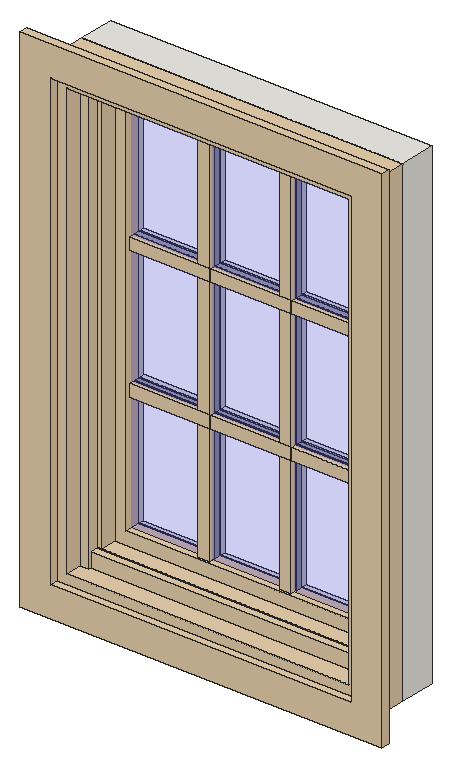
Revit family "Window-Awning-Andersen-A_Series 3", category Windows, host Wall, Revit 2013 (continued)
Dimensions and locks (in)
  aligned and locked: Masking region 3 sketch curve to host wall
  aligned and locked: plane 31 "T Xjamb 1" to Extrusion 3 sketch curve
  aligned and locked: plane 33 "T Xjamb 2" to Extrusion 3 sketch curve
  aligned and locked: Extrusion 3 sketch curve to plane 21 "R Xjamb 1"
  aligned and locked: Extrusion 3 sketch curve to plane 23 "R Xjamb 2"
  aligned and locked: plane 11 "L Xjamb 1" to Extrusion 3 sketch curve
  aligned and locked: plane 13 "L Xjamb 2" to Extrusion 3 sketch curve
  aligned and locked: Extrusion 3 sketch curve to plane 56 "B Xjamb 1"
  aligned and locked: Extrusion 3 sketch curve to plane 41 "B Xjamb 2"
  aligned and locked: plane 31 "T Xjamb 1" to Extrusion 4 sketch curve
  aligned and locked: plane 38 "T Int Casing" to Extrusion 4 sketch curve
  aligned and locked: Extrusion 4 sketch curve to plane 21 "R Xjamb 1"
  aligned and locked: Extrusion 4 sketch curve to plane 28 "R Int Casing"
  aligned and locked: plane 11 "L Xjamb 1" to Extrusion 4 sketch curve
  aligned and locked: plane 45 "L Int Casing" to Extrusion 4 sketch curve
  aligned and locked: Extrusion 4 sketch curve to plane 56 "B Xjamb 1"
  aligned and locked: Extrusion 4 sketch curve to plane 44 "B Int Casing"
  aligned and locked: Extrusion 4 to host wall
  aligned and locked: Extrusion 4 to plane 58 "Interior Casing"
  aligned and locked: plane 43 "B Casing 2" to Extrusion 5 sketch curve
  aligned and locked: plane 43 "B Casing 2" to Sweep 6 sketch curve  (x2)
  aligned and locked: plane 17 "L Casing 4" to Sweep 6 sketch curve  (x2)
  aligned and locked: Sweep 6 sketch curve to plane 27 "R Casing 4"
  aligned and locked: plane 37 "T Casing 4" to Sweep 6 sketch curve
  aligned and locked: plane 16 "L Casing 3" to Sweep 6 sketch curve
  aligned and locked: plane 47 "Casing S2" to Sweep 6 sketch curve
  aligned and locked: Sweep 6 sketch curve to plane 46 "Casing S1"
  aligned and locked: plane 49 "Flange" to Sweep 6 sketch curve
  aligned and locked: Sweep 6 sketch curve to plane 12 "L Casing 1"
  aligned and locked: Sweep 6 sketch curve to plane 47 "Casing S2"
  aligned and locked: plane 15 "L Casing 2" to Sweep 6 sketch curve
  aligned and locked: Extrusion 5 to plane 17 "L Casing 4"
  aligned and locked: plane 27 "R Casing 4" to Extrusion 5
  aligned and locked: plane 32 "T Casing 1" to Extrusion 7 sketch curve
  aligned and locked: plane 37 "T Casing 4" to Extrusion 7 sketch curve
  aligned and locked: plane 12 "L Casing 1" to Extrusion 7 sketch curve
  aligned and locked: plane 17 "L Casing 4" to Extrusion 7 sketch curve
  aligned and locked: Extrusion 7 sketch curve to plane 22 "R Casing 1"
  aligned and locked: Extrusion 7 sketch curve to plane 27 "R Casing 4"
  aligned and locked: Extrusion 7 sketch curve to plane 43 "B Casing 2"
  aligned and locked: plane 46 "Casing S1" to Extrusion 7
  aligned and locked: plane 49 "Flange" to Extrusion 7
  aligned and locked: plane 8 "L Glazing" to Extrusion 8 sketch curve
  aligned and locked: Extrusion 8 sketch curve to plane 18 "R Glazing"
  aligned and locked: plane 29 "T Glazing" to Extrusion 8 sketch curve
  aligned and locked: plane 50 "Glass1 S1" to Extrusion 8
  aligned and locked: Extrusion 8 to plane 54 "Sash1 S2"
  aligned and locked: Extrusion 9 sketch curve to plane 8 "L Glazing"
  aligned and locked: Extrusion 9 sketch curve to plane 29 "T Glazing"
  aligned and locked: plane 18 "R Glazing" to Extrusion 9 sketch curve
  aligned and locked: Extrusion 9 to plane 50 "Glass1 S1"
  aligned and locked: plane 29 "T Glazing" to Extrusion 10 sketch curve
  aligned and locked: plane 8 "L Glazing" to Extrusion 10 sketch curve
  aligned and locked: Extrusion 10 sketch curve to plane 18 "R Glazing"
  aligned and locked: plane 50 "Glass1 S1" to Extrusion 10
  aligned and locked: Extrusion 10 to plane 53 "Glass1 S4"
  aligned and locked: nested 1 to plane 29 "T Glazing"
  aligned and locked: nested 1 to plane 3 "Center (Left/Right)"
  aligned and locked: plane 8 "L Glazing" to nested 2
  aligned and locked: nested 3 to plane 29 "T Glazing"
  aligned and locked: plane 8 "L Glazing" to nested 4
  aligned and locked: nested 5 to plane 29 "T Glazing"
  aligned and locked: plane 8 "L Glazing" to nested 6
  aligned and locked: plane 8 "L Glazing" to nested 7
  aligned and locked: Extrusion 5 sketch curve to plane 49 "Flange"
  aligned and locked: host wall to Masking region 11 sketch curve
  aligned and locked: plane 4 "R Frame" to Masking region 11 sketch curve
  aligned and locked: Masking region 11 sketch curve to plane 5 "L Frame"
  aligned and locked: plane 57 "Exterior Offset" to Masking region 11 sketch curve
  aligned and locked: plane 27 "R Casing 4" to Masking region 11 sketch curve
  aligned and locked: Masking region 11 sketch curve to plane 17 "L Casing 4"
  aligned and locked: plane 39 "B Glazing" to Extrusion 8 sketch curve
  aligned and locked: curve 11 to plane 66 "Sash1 S1"
  aligned and locked: plane 66 "Sash1 S1" to curve 15
  aligned and locked: plane 66 "Sash1 S1" to Extrusion 9
  aligned and locked: host wall to curve 19
  aligned and locked: plane 7 "T Frame" to Extrusion 11 sketch curve
  aligned and locked: Extrusion 11 sketch curve to plane 4 "R Frame"
  aligned and locked: Extrusion 11 sketch curve to plane 6 "B Frame"
  aligned and locked: plane 5 "L Frame" to Extrusion 11 sketch curve
  aligned and locked: plane 30 "T Ext Frame" to Extrusion 11 sketch curve
  aligned and locked: Extrusion 11 sketch curve to plane 19 "R Ext Frame"
  aligned and locked: plane 9 "L Ext Frame" to Extrusion 11 sketch curve
  aligned and locked: Extrusion 11 sketch curve to plane 40 "B Ext Frame"
  aligned and locked: plane 48 "Frame S1" to Extrusion 11
  aligned and locked: Extrusion 10 sketch curve to plane 39 "B Glazing"
  aligned and locked: plane 39 "B Glazing" to curve 28
  aligned and locked: plane 39 "B Glazing" to curve 27
  aligned and locked: plane 39 "B Glazing" to curve 29
  aligned and locked: plane 39 "B Glazing" to curve 26
  aligned and locked: plane 39 "B Glazing" to Extrusion 9 sketch curve
  aligned and locked: plane 68 "L Sash" to curve 18
  aligned and locked: plane 54 "Sash1 S2" to curve 18
  aligned and locked: plane 54 "Sash1 S2" to curve 14
  aligned and locked: plane 55 "Frame S2" to Masking region 1 sketch curve
  aligned and locked: plane 55 "Frame S2" to Masking region 4 sketch curve
  aligned and locked: plane 71 "T Sash" to Extrusion 9 sketch curve
  aligned and locked: plane 68 "L Sash" to Extrusion 9 sketch curve
  aligned and locked: Extrusion 9 sketch curve to plane 67 "R Sash"
  aligned and locked: plane 70 "B Sash" to Extrusion 9 sketch curve
  aligned and locked: Extrusion 8 sketch curve to plane 71 "T Sash"
  aligned and locked: Extrusion 8 sketch curve to plane 68 "L Sash"
  aligned and locked: plane 67 "R Sash" to Extrusion 8 sketch curve
  aligned and locked: plane 70 "B Sash" to Extrusion 8 sketch curve
  aligned and locked: Extrusion 11 to plane 54 "Sash1 S2"
  aligned and locked: plane 72 "T Int Frame" to Extrusion 12 sketch curve
  aligned and locked: plane 74 "L Int Frame" to Extrusion 12 sketch curve
  aligned and locked: Extrusion 12 sketch curve to plane 75 "R Int Frame"
  aligned and locked: Extrusion 12 sketch curve to plane 73 "B Int Frame"
  aligned and locked: Extrusion 12 sketch curve to plane 6 "B Frame"
  aligned and locked: Extrusion 12 sketch curve to plane 4 "R Frame"
  aligned and locked: plane 7 "T Frame" to Extrusion 12 sketch curve
  aligned and locked: plane 5 "L Frame" to Extrusion 12 sketch curve
  aligned and locked: plane 54 "Sash1 S2" to Extrusion 12
  aligned and locked: Extrusion 12 to plane 55 "Frame S2"
  aligned and locked: plane 75 "R Int Frame" to Extrusion 13
  aligned and locked: Extrusion 13 to plane 74 "L Int Frame"
  aligned and locked: Extrusion 14 sketch curve to plane 54 "Sash1 S2"
  aligned and locked: plane 20 "R Stop" to Extrusion 14 sketch curve
  aligned and locked: plane 10 "L Stop" to Extrusion 14 sketch curve
  aligned and locked: Extrusion 14 sketch curve to plane 69 "Stop S1"
  aligned and locked: plane 73 "B Int Frame" to Extrusion 14
  aligned and locked: Extrusion 14 to plane 72 "T Int Frame"
  aligned and locked: plane 65 "Xjamb S1" to Extrusion 3
  aligned and locked: host wall to Extrusion 3
  aligned and locked: plane 54 "Sash1 S2" to Extrusion 13 sketch curve
  aligned and locked: plane 76 "T Stop" to curve 38
  aligned and locked: plane 10 "L Stop" to curve 41
  aligned and locked: curve 39 to plane 20 "R Stop"
  aligned and locked: plane 72 "T Int Frame" to curve 50
  aligned and locked: curve 51 to plane 75 "R Int Frame"
  aligned and locked: plane 74 "L Int Frame" to curve 53
  aligned and locked: curve 52 to plane 73 "B Int Frame"
  aligned and locked: curve 32 to plane 70 "B Sash"
  aligned and locked: plane 68 "L Sash" to curve 31
  aligned and locked: plane 71 "T Sash" to curve 30
  aligned and locked: curve 33 to plane 67 "R Sash"
  aligned and locked: plane 4 "R Frame" to curve 56
  aligned and locked: plane 5 "L Frame" to curve 56
  aligned and locked: host wall to curve 56
  aligned and locked: Masking region 12 sketch curve to plane 33 "T Xjamb 2"
  aligned and locked: plane 65 "Xjamb S1" to Masking region 12 sketch curve
  aligned and locked: plane 41 "B Xjamb 2" to Masking region 12 sketch curve
  aligned and locked: host wall to Masking region 12 sketch curve
  aligned and locked: host wall to Masking region 13 sketch curve
  aligned and locked: Masking region 13 sketch curve to plane 44 "B Int Casing"
  aligned and locked: plane 58 "Interior Casing" to Masking region 13 sketch curve
  aligned and locked: plane 38 "T Int Casing" to Masking region 13 sketch curve
  aligned and locked: plane 65 "Xjamb S1" to curve 60
  aligned and locked: plane 73 "B Int Frame" to curve 60
  aligned and locked: plane 65 "Xjamb S1" to curve 61
  aligned and locked: host wall to curve 61
  aligned and locked: plane 56 "B Xjamb 1" to curve 61
  aligned and locked: plane 58 "Interior Casing" to curve 62
  aligned and locked: plane 56 "B Xjamb 1" to curve 62
  aligned and locked: plane 65 "Xjamb S1" to curve 57
  aligned and locked: plane 72 "T Int Frame" to curve 57
  aligned and locked: plane 65 "Xjamb S1" to curve 58
  aligned and locked: host wall to curve 58
  aligned and locked: plane 31 "T Xjamb 1" to curve 58
  aligned and locked: plane 58 "Interior Casing" to curve 59
  aligned and locked: plane 31 "T Xjamb 1" to curve 59
  aligned and locked: Masking region 14 sketch curve to plane 65 "Xjamb S1"
  aligned and locked: plane 13 "L Xjamb 2" to Masking region 14 sketch curve
  aligned and locked: Masking region 14 sketch curve to host wall
  aligned and locked: Masking region 14 sketch curve to plane 23 "R Xjamb 2"
  aligned and locked: host wall to Masking region 15 sketch curve
  aligned and locked: plane 45 "L Int Casing" to Masking region 15 sketch curve
  aligned and locked: plane 58 "Interior Casing" to Masking region 15 sketch curve
  aligned and locked: Masking region 15 sketch curve to plane 28 "R Int Casing"
  aligned and locked: plane 65 "Xjamb S1" to curve 65
  aligned and locked: host wall to curve 65
  aligned and locked: plane 11 "L Xjamb 1" to curve 65
  aligned and locked: plane 58 "Interior Casing" to curve 66
  aligned and locked: plane 11 "L Xjamb 1" to curve 66
  aligned and locked: plane 65 "Xjamb S1" to curve 63
  aligned and locked: host wall to curve 63
  aligned and locked: plane 21 "R Xjamb 1" to curve 63
  aligned and locked: plane 58 "Interior Casing" to curve 64
  aligned and locked: plane 21 "R Xjamb 1" to curve 64
  aligned and locked: curve 40 to plane 59 "Vertical Bar Length"
  aligned and locked: Extrusion 15 sketch curve to plane 72 "T Int Frame"
  aligned and locked: Extrusion 15 sketch curve to plane 69 "Stop S1"
  aligned and locked: Extrusion 15 to plane 74 "L Int Frame"
  aligned and locked: plane 75 "R Int Frame" to Extrusion 15
  aligned and locked: plane 6 "B Frame" to curve 49
  aligned and locked: plane 49 "Flange" to curve 49
  aligned and locked: plane 7 "T Frame" to curve 48
  aligned and locked: plane 49 "Flange" to curve 48
  aligned and locked: plane 25 "R Casing 2" to curve 5
  aligned and locked: plane 47 "Casing S2" to curve 4
  aligned and locked: plane 26 "R Casing 3" to curve 4
  aligned and locked: plane 46 "Casing S1" to curve 4
  aligned and locked: plane 15 "L Casing 2" to curve 2
  aligned and locked: plane 35 "T Casing 2" to curve 24
  aligned and locked: plane 36 "T Casing 3" to curve 23
  aligned and locked: plane 46 "Casing S1" to curve 23
  aligned and locked: Extrusion 5 sketch curve to plane 6 "B Frame"
  aligned and locked: Masking region 6 sketch curve to cut or joined group of Extrusion 5, Sweep 6
  aligned and locked: Extrusion 7 sketch curve to plane 6 "B Frame"
  aligned and locked: plane 46 "Casing S1" to curve 42
  aligned and locked: plane 46 "Casing S1" to curve 43
  aligned and locked: plane 55 "Frame S2" to curve 68
  aligned and locked: plane 55 "Frame S2" to curve 67
  aligned and locked: plane 5 "L Frame" to curve 68
  aligned and locked: plane 4 "R Frame" to curve 67
  aligned and locked: plane 49 "Flange" to curve 69
  aligned and locked: plane 37 "T Casing 4" to curve 69
  aligned and locked: plane 46 "Casing S1" to curve 70
  aligned and locked: plane 49 "Flange" to curve 70
  aligned and locked: plane 43 "B Casing 2" to curve 70
  aligned and locked: plane 49 "Flange" to curve 67
  aligned and locked: plane 49 "Flange" to curve 68
  aligned and locked: plane 49 "Flange" to curve 99
  aligned and locked: plane 4 "R Frame" to curve 99
  aligned and locked: curve 153 to plane 49 "Flange"
  aligned and locked: plane 5 "L Frame" to curve 153
  aligned and locked: plane 69 "Stop S1" to curve 155
  aligned and locked: plane 75 "R Int Frame" to curve 154
  aligned and locked: plane 74 "L Int Frame" to curve 157
  aligned and locked: curve 156 to plane 69 "Stop S1"
  aligned and locked: plane 71 "T Sash" to curve 54
  aligned and locked: plane 3 "Center (Left/Right)" to curve 55
  aligned and locked: plane 68 "L Sash" to curve 54
  aligned and locked: plane 70 "B Sash" to curve 54
  aligned and locked: plane 67 "R Sash" to curve 55
  aligned and locked: plane 70 "B Sash" to curve 55
  aligned and locked: plane 55 "Frame S2" to curve 154
  aligned and locked: plane 16 "L Casing 3" to curve 1
  aligned and locked: plane 46 "Casing S1" to curve 1
  aligned and locked: plane 55 "Frame S2" to curve 157
Automatic sketch dimensions
  curve 42 to curve 42 = 0' - 0 3/16"
  curve 13 to curve 13 = 0' - 2.3296"
  curve 76 to curve 75 = 0' - 0.335"
  curve 75 to curve 74 = 0' - 0.047"
  curve 77 to curve 92 = 0' - 0.46646"
  curve 91 to curve 88 = 0' - 0.01154"
  curve 88 to curve 87 = 0' - 0 1/2"
  curve 87 to curve 93 = 0' - 0.1325"
  curve 74 to curve 82 = 0' - 0.765"
  curve 80 to curve 82 = 0' - 0.12649"
  curve 82 to curve 84 = 0' - 0.31851"
  curve 85 to curve 95 = 0' - 1.19371"
  curve 95 to curve 97 = 0' - 0.80629"
  curve 97 to curve 278 = 0' - 1.05756"
  curve 91 to curve 77 = 0' - 1.0695"
  curve 99 to curve 91 = 0' - 0.22314"
  curve 74 to curve 73 = 0' - 0.122"
  curve 79 to curve 80 = 0' - 0.122"
  curve 98 to curve 278 = 0' - 0 5/32"
  curve 91 to curve 90 = 0' - 0.1829"
  curve 91 to curve 90 = 0' - 0.26718"
  curve 92 to curve 88 = 0' - 0 7/16"
  curve 87 to curve 98 = 0' - 0.1945"
  curve 87 to curve 94 = 0' - 0.3285"
  curve 93 to curve 86 = 0' - 0.1845"
  curve 97 to curve 97 = 0' - 0.68"
  curve 95 to curve 95 = 0' - 0.36"
  curve 86 to curve 78 = 0' - 1.081"
  curve 78 to curve 83 = 0' - 0.16349"
  curve 74 to curve 76 = 0' - 0.28859"
  curve 78 to curve 80 = 0' - 0.482"
  curve 76 to curve 75 = 0' - 0.19341"
  curve 99 to curve 91 = 0' - 2.425"
  curve 99 to curve 91 = 0' - 0.8"
  curve 91 to curve 77 = 0' - 0.3579"
  curve 278 to curve 98 = 0' - 0 5/32"
  curve 79 to curve 74 = 0' - 0.152"
  curve 81 to curve 80 = 0' - 0.001"
  curve 73 to curve 74 = 0' - 0.001"
  curve 103 to curve 102 = 0' - 0.335"
  curve 102 to curve 101 = 0' - 0.047"
  curve 104 to curve 119 = 0' - 0.46646"
  curve 118 to curve 115 = 0' - 0.01154"
  curve 115 to curve 114 = 0' - 0 1/2"
  curve 114 to curve 120 = 0' - 0.1325"
  curve 101 to curve 109 = 0' - 0.765"
  curve 107 to curve 109 = 0' - 0.12649"
  curve 109 to curve 111 = 0' - 0.31851"
  curve 112 to curve 122 = 0' - 1.19371"
  curve 122 to curve 124 = 0' - 0.80629"
  curve 124 to curve 279 = 0' - 1.05756"
  curve 118 to curve 104 = 0' - 1.0695"
  curve 126 to curve 118 = 0' - 0.22314"
  curve 101 to curve 100 = 0' - 0.122"
  curve 106 to curve 107 = 0' - 0.122"
  curve 125 to curve 279 = 0' - 0 5/32"
  curve 118 to curve 117 = 0' - 0.1829"
  curve 118 to curve 117 = 0' - 0.26718"
  curve 119 to curve 115 = 0' - 0 7/16"
  curve 114 to curve 125 = 0' - 0.1945"
  curve 114 to curve 121 = 0' - 0.3285"
  curve 120 to curve 113 = 0' - 0.1845"
  curve 124 to curve 124 = 0' - 0.68"
  curve 122 to curve 122 = 0' - 0.36"
  curve 113 to curve 105 = 0' - 1.081"
  curve 105 to curve 110 = 0' - 0.16349"
  curve 101 to curve 103 = 0' - 0.28859"
  curve 105 to curve 107 = 0' - 0.482"
  curve 103 to curve 102 = 0' - 0.19341"
  curve 126 to curve 118 = 0' - 2.425"
  curve 126 to curve 118 = 0' - 0.8"
  curve 118 to curve 104 = 0' - 0.3579"
  curve 279 to curve 125 = 0' - 0 5/32"
  curve 106 to curve 101 = 0' - 0.152"
  curve 108 to curve 107 = 0' - 0.001"
  curve 100 to curve 101 = 0' - 0.001"
  curve 129 to curve 130 = 0' - 0.335"
  curve 128 to curve 129 = 0' - 0.047"
  curve 146 to curve 131 = 0' - 0.46646"
  curve 142 to curve 145 = 0' - 0.01154"
  curve 141 to curve 142 = 0' - 0 1/2"
  curve 147 to curve 141 = 0' - 0.1325"
  curve 136 to curve 128 = 0' - 0.765"
  curve 136 to curve 134 = 0' - 0.12649"
  curve 138 to curve 136 = 0' - 0.31851"
  curve 149 to curve 139 = 0' - 1.19371"
  curve 151 to curve 149 = 0' - 0.80629"
  curve 280 to curve 151 = 0' - 1.05756"
  curve 131 to curve 145 = 0' - 1.0695"
  curve 145 to curve 153 = 0' - 0.22314"
  curve 127 to curve 128 = 0' - 0.122"
  curve 134 to curve 133 = 0' - 0.122"
  curve 280 to curve 152 = 0' - 0 5/32"  (x2)
  curve 145 to curve 144 = 0' - 0.1829"
  curve 145 to curve 144 = 0' - 0.26718"
  curve 146 to curve 142 = 0' - 0 7/16"
  curve 141 to curve 152 = 0' - 0.1945"
  curve 141 to curve 148 = 0' - 0.3285"
  curve 147 to curve 140 = 0' - 0.1845"
  curve 151 to curve 151 = 0' - 0.68"
  curve 149 to curve 149 = 0' - 0.36"
  curve 140 to curve 132 = 0' - 1.081"
  curve 132 to curve 137 = 0' - 0.16349"
  curve 128 to curve 130 = 0' - 0.28859"
  curve 132 to curve 134 = 0' - 0.482"
  curve 130 to curve 129 = 0' - 0.19341"
  curve 153 to curve 145 = 0' - 2.425"
  curve 153 to curve 145 = 0' - 0.8"
  curve 145 to curve 131 = 0' - 0.3579"
  curve 133 to curve 128 = 0' - 0.152"
  curve 135 to curve 134 = 0' - 0.001"
  curve 127 to curve 128 = 0' - 0.001"
  curve 220 to curve 227 = 0' - 1.25756"
  curve 227 to curve 229 = 0' - 0.6"
  curve 228 to curve 230 = 0' - 0.00349"
  curve 228 to curve 234 = 0' - 0.009"
  curve 228 to curve 232 = 0' - 0.76957"
  curve 232 to curve 235 = 0' - 0.43043"
  curve 219 to curve 222 = 0' - 0.01334"
  curve 231 to curve 236 = 0' - 0.31218"
  curve 219 to curve 218 = 0' - 0.374"
  curve 235 to curve 243 = 0' - 0 17/128"
  curve 221 to curve 224 = 0' - 0.46816"
  curve 217 to curve 216 = 0' - 0.24"
  curve 215 to curve 214 = 0' - 0 1/2"
  curve 213 to curve 224 = 0' - 0.01154"
  curve 236 to curve 237 = 0' - 0.765"
  curve 237 to curve 238 = 0' - 0.047"
  curve 213 to curve 213 = 0' - 0.16834"
  curve 212 to curve 212 = 0' - 0.30966"
  curve 281 to curve 220 = 0' - 0 5/32"  (x2)
  curve 239 to curve 242 = 0' - 0.122"
  curve 240 to curve 237 = 0' - 0.122"
  curve 224 to curve 226 = 0' - 0.22314"
  curve 49 to curve 226 = 0' - 0"  (x2)
  curve 211 to curve 225 = 0' - 1.0695"
  curve 224 to curve 211 = 0' - 0.1819"
  curve 224 to curve 212 = 0' - 0.2365"
  curve 213 to curve 214 = 0' - 0.2"
  curve 215 to curve 222 = 0' - 0.3295"
  curve 222 to curve 218 = 0' - 0.2605"
  curve 217 to curve 220 = 0' - 0.1985"
  curve 220 to curve 219 = 0' - 0.6745"
  curve 234 to curve 234 = 0' - 0.68921"
  curve 219 to curve 232 = 0' - 0.2185"
  curve 233 to curve 228 = 0' - 0.36679"
  curve 228 to curve 230 = 0' - 0.1"
  curve 218 to curve 239 = 0' - 0.919"
  curve 239 to curve 231 = 0' - 0.194"
  curve 237 to curve 210 = 0' - 0.30059"
  curve 210 to curve 210 = 0' - 0.19341"
  curve 231 to curve 235 = 0' - 0.3"
  curve 226 to curve 224 = 0' - 2.425"
  curve 49 to curve 224 = 0' - 0.8"
  curve 226 to curve 49 = 0' - 0"
  curve 225 to curve 211 = 0' - 0.3569"
  curve 241 to curve 236 = 0' - 0.164"
  curve 236 to curve 242 = 0' - 0"
  curve 240 to curve 237 = 0' - 0"
  curve 254 to curve 261 = 0' - 1.25756"
  curve 261 to curve 263 = 0' - 0.6"
  curve 262 to curve 264 = 0' - 0.00349"
  curve 262 to curve 268 = 0' - 0.009"
  curve 262 to curve 266 = 0' - 0.76957"
  curve 266 to curve 269 = 0' - 0.43043"
  curve 253 to curve 256 = 0' - 0.01334"
  curve 265 to curve 270 = 0' - 0.31218"
  curve 253 to curve 252 = 0' - 0.374"
  curve 269 to curve 277 = 0' - 0 17/128"
  curve 255 to curve 258 = 0' - 0.46816"
  curve 251 to curve 250 = 0' - 0.24"
  curve 249 to curve 248 = 0' - 0 1/2"
  curve 247 to curve 258 = 0' - 0.01154"
  curve 270 to curve 271 = 0' - 0.765"
  curve 271 to curve 272 = 0' - 0.047"
  curve 247 to curve 247 = 0' - 0.16834"
  curve 246 to curve 246 = 0' - 0.30966"
  curve 282 to curve 254 = 0' - 0 5/32"  (x2)
  curve 273 to curve 276 = 0' - 0.122"
  curve 274 to curve 271 = 0' - 0.122"
  curve 258 to curve 260 = 0' - 0.22314"
  curve 71 to curve 260 = 0' - 0"  (x2)
  curve 245 to curve 259 = 0' - 1.0695"
  curve 258 to curve 245 = 0' - 0.1819"
  curve 258 to curve 246 = 0' - 0.2365"
  curve 247 to curve 248 = 0' - 0.2"
  curve 249 to curve 256 = 0' - 0.3295"
  curve 256 to curve 252 = 0' - 0.2605"
  curve 251 to curve 254 = 0' - 0.1985"
  curve 254 to curve 253 = 0' - 0.6745"
  curve 268 to curve 268 = 0' - 0.68921"
  curve 253 to curve 266 = 0' - 0.2185"
  curve 267 to curve 262 = 0' - 0.36679"
  curve 262 to curve 264 = 0' - 0.1"
  curve 252 to curve 273 = 0' - 0.919"
  curve 273 to curve 265 = 0' - 0.194"
  curve 271 to curve 244 = 0' - 0.30059"
  curve 244 to curve 244 = 0' - 0.19341"
  curve 265 to curve 269 = 0' - 0.3"
  curve 260 to curve 258 = 0' - 2.425"
  curve 71 to curve 258 = 0' - 0.8"
  curve 260 to curve 71 = 0' - 0"
  curve 259 to curve 245 = 0' - 0.3569"
  curve 275 to curve 270 = 0' - 0.164"
  curve 270 to curve 276 = 0' - 0"
  curve 274 to curve 271 = 0' - 0"
  curve 69 to plane 46 "Casing S1" = 0' - 0"
  curve 60 to plane 69 "Stop S1" = 0' - 0.5885"
  curve 57 to plane 69 "Stop S1" = 0' - 0.5885"
  plane 73 "B Int Frame" to Extrusion 13 sketch curve = 0' - 0"
  curve 166 to curve 164 = 0' - 1.05756"
  curve 164 to curve 164 = 0' - 0.80629"
  curve 162 to curve 178 = 0' - 1.19371"
  curve 178 to curve 178 = 0' - 0.31851"
  curve 177 to curve 177 = 0' - 0.12649"
  curve 161 to curve 160 = 0' - 0.4815"
  curve 160 to curve 180 = 0' - 0.1325"
  curve 181 to curve 183 = 0' - 0 1/2"
  curve 167 to curve 158 = 0' - 0.01154"
  curve 176 to curve 173 = 0' - 0.765"
  curve 170 to curve 173 = 0' - 0.047"
  curve 169 to curve 168 = 0' - 0.335"
  curve 283 to curve 166 = 0' - 0 5/32"
  curve 175 to curve 174 = 0' - 0.122"
  curve 171 to curve 170 = 0' - 0.122"
  curve 158 to curve 48 = 0' - 0.22314"
  curve 167 to curve 158 = 0' - 1.0695"
  curve 176 to curve 169 = 0' - 0"
  curve 169 to curve 169 = 0' - 0.19341"
  curve 177 to curve 179 = 0' - 0.31851"
  curve 178 to curve 175 = 0' - 0.16349"
  curve 178 to curve 163 = 0' - 0.52299"
  curve 162 to curve 164 = 0' - 0.36"
  curve 162 to curve 181 = 0' - 0.7215"
  curve 180 to curve 160 = 0' - 0.1845"
  curve 164 to curve 283 = 0' - 0.68"
  curve 160 to curve 182 = 0' - 0.3285"
  curve 182 to curve 183 = 0' - 0.17032"
  curve 167 to curve 167 = 0' - 0.08428"
  curve 181 to curve 159 = 0' - 0 7/16"
  curve 176 to curve 174 = 0' - 0"
  curve 171 to curve 170 = 0' - 0"
  curve 174 to curve 172 = 0' - 0.152"
  curve 166 to curve 283 = 0' - 0 5/32"
  curve 167 to curve 158 = 0' - 0.3579"
  curve 158 to curve 48 = 0' - 0.8"
  curve 48 to curve 48 = 0' - 1 5/8"
  curve 192 to curve 190 = 0' - 1.05756"
  curve 190 to curve 190 = 0' - 0.80629"
  curve 188 to curve 204 = 0' - 1.19371"
  curve 204 to curve 204 = 0' - 0.31851"
  curve 203 to curve 203 = 0' - 0.12649"
  curve 187 to curve 186 = 0' - 0.4815"
  curve 186 to curve 206 = 0' - 0.1325"
  curve 207 to curve 209 = 0' - 0 1/2"
  curve 193 to curve 184 = 0' - 0.01154"
  curve 202 to curve 199 = 0' - 0.765"
  curve 196 to curve 199 = 0' - 0.047"
  curve 195 to curve 194 = 0' - 0.335"
  curve 284 to curve 192 = 0' - 0 5/32"
  curve 201 to curve 200 = 0' - 0.122"
  curve 197 to curve 196 = 0' - 0.122"
  curve 184 to curve 72 = 0' - 0.22314"
  curve 193 to curve 184 = 0' - 1.0695"
  curve 202 to curve 195 = 0' - 0"
  curve 195 to curve 195 = 0' - 0.19341"
  curve 203 to curve 205 = 0' - 0.31851"
  curve 204 to curve 201 = 0' - 0.16349"
  curve 204 to curve 189 = 0' - 0.52299"
  curve 188 to curve 190 = 0' - 0.36"
  curve 188 to curve 207 = 0' - 0.7215"
  curve 206 to curve 186 = 0' - 0.1845"
  curve 190 to curve 284 = 0' - 0.68"
  curve 186 to curve 208 = 0' - 0.3285"
  curve 208 to curve 209 = 0' - 0.17032"
  curve 193 to curve 193 = 0' - 0.08428"
  curve 207 to curve 185 = 0' - 0 7/16"
  curve 202 to curve 200 = 0' - 0"
  curve 197 to curve 196 = 0' - 0"
  curve 200 to curve 198 = 0' - 0.152"
  curve 192 to curve 284 = 0' - 0 5/32"
  curve 193 to curve 184 = 0' - 0.3579"
  curve 184 to curve 72 = 0' - 0.8"
  curve 72 to curve 72 = 0' - 1 5/8"
  curve 6 to plane 22 "R Casing 1" = 0' - 0"
  curve 14 to plane 67 "R Sash" = 0' - 0"
  curve 6 to plane 48 "Frame S1" = 0' - 0"
  curve 14 to plane 48 "Frame S1" = 0' - 0"
  curve 43 to plane 48 "Frame S1" = 0' - 0"
  curve 42 to plane 4 "R Frame" = 0' - 0"
  curve 42 to plane 48 "Frame S1" = 0' - 0"
  host wall to curve 20 = 0' - 0"
  curve 21 to plane 20 "R Stop" = 0' - 0"
  curve 20 to plane 10 "L Stop" = 0' - 0"
  curve 47 to plane 20 "R Stop" = 0' - 0"
  curve 45 to plane 10 "L Stop" = 0' - 0"
  curve 46 to plane 54 "Sash1 S2" = 0' - 0"
  curve 45 to plane 54 "Sash1 S2" = 0' - 0"
  curve 46 to plane 67 "R Sash" = 0' - 0"
  curve 44 to plane 68 "L Sash" = 0' - 0"
Nested families (in)
  nested 1: "Andersen Grille Bar" at (0, 0.42381, 64.65039) x (-1, 0, 0) z (0, 1, 0), Center Line <- "Bar Center Line", Bar Length <- "TS V Bar Length", Bar Width <- "Grille Bar Size", visible <- "TS S V", type "Andersen Grille Bar"
    with Glass / 2 0' - 0 1/8", Glass 0' - 0 5/8", Center Line Length 2' - 4 147/256", Center Line 2, Bar Width 0' - 0 7/8", Bar Length 2' - 4 147/256"
  nested 2: "Andersen Grille Bar" at (0, 0.42381, 64.65039) x (0, 0, -1) z (0, 1, 0), Bar Length <- "H DLO", visible <- "TS S H", Bar Width <- "Horizontal Craftsman Bar Size", type "Andersen Grille Bar"
    with Glass / 2 0' - 0 1/8", Glass 0' - 0 5/8", Center Line Length 1' - 5 3/8", Center Line 2, Bar Width 0' - 0 7/8", Bar Length 1' - 5 3/8"
  nested 3: "Andersen Grille Bar" at (3.04167, 0.42381, 64.65039) x (-1, 0, 0) z (0, 1, 0), Center Line <- "Bar Center Line", Bar Length <- "TS V Bar Length", Bar Width <- "Grille Bar Size", visible <- "TS M V", type "Andersen Grille Bar"
    with Glass / 2 0' - 0 1/8", Glass 0' - 0 5/8", Center Line Length 2' - 4 147/256", Center Line 2, Bar Width 0' - 0 7/8", Bar Length 2' - 4 147/256"
  nested 4: "Andersen Grille Bar" at (0, 0.42381, 59.74219) x (0, 0, -1) z (0, 1, 0), Center Line <- "Bar Center Line", Bar Length <- "H DLO", visible <- "TS M H", Bar Width <- "Grille Bar Size", type "Andersen Grille Bar"
    with Glass / 2 0' - 0 1/8", Glass 0' - 0 5/8", Center Line Length 1' - 5 3/8", Center Line 2, Bar Width 0' - 0 7/8", Bar Length 1' - 5 3/8"
  nested 5: "Andersen Grille Bar" at (-3.04167, 0.42381, 64.65039) x (-1, 0, 0) z (0, 1, 0), Center Line <- "Bar Center Line", Bar Length <- "TS V Bar Length", Bar Width <- "Grille Bar Size", visible <- "TS M V", type "Andersen Grille Bar"
    with Glass / 2 0' - 0 1/8", Glass 0' - 0 5/8", Center Line Length 2' - 4 147/256", Center Line 2, Bar Width 0' - 0 7/8", Bar Length 2' - 4 147/256"
  nested 6: "Andersen Grille Bar" at (0, 0.42381, 69.55859) x (0, 0, -1) z (0, 1, 0), Center Line <- "Bar Center Line", Bar Length <- "H DLO", visible <- "TS M H", Bar Width <- "Grille Bar Size", type "Andersen Grille Bar"
    with Glass / 2 0' - 0 1/8", Glass 0' - 0 5/8", Center Line Length 1' - 5 3/8", Center Line 2, Bar Width 0' - 0 7/8", Bar Length 1' - 5 3/8"
  nested 7: "Andersen Grille Bar" at (0, 0.42381, 64.65039) x (0, 0, -1) z (0, 1, 0), Bar Length <- "H DLO", visible <- "TS S H Craftsman", Bar Width <- "Grille Bar Size", type "Andersen Grille Bar"
    with Glass / 2 0' - 0 1/8", Glass 0' - 0 5/8", Center Line Length 1' - 5 3/8", Center Line 2, Bar Width 0' - 0 7/8", Bar Length 1' - 5 3/8"
Definition of nested family "Andersen Grille Bar"
  Parameters (values of type "Andersen Grille Bar")
    Interior Bar Visibility = yes
    Interior Bar Material = none
    Glass / 2 [instance] = (Glass / 2) - 0' 0 3/16"  # 0' - 0 1/8"
    Glass [instance] = 0' - 0 5/8"
    Exterior Bar Visibility = yes
    Exterior Bar Finish = none
    Default Elevation = 4' - 0"
    Center Line Length [instance] = if(Center Line = 1, Bar Length + (Bar Width / 2), Bar Length)  # 0' - 4 7/16"
    Center Line [instance] = 1
    Between Glass Bar Visibility = yes
    Between Glass Bar Finish = none
    Bar Width [instance] = 0' - 0 7/8"
    Bar Length [instance] = 0' - 4"
  Reference planes (in)
    plane 1 "Center (Front/Back)": y = 0
    plane 2 "a": z = 0
    plane 3 "Center (Left/Right)": x = 0
    plane 4 "1": x = -0.4375
    plane 5 "2": x = 0.4375
    plane 6: y = 2
    plane 7: y = -2
    plane 8 "b": z = -0.625
    plane 9: z = -0.125
    plane 10: y = -2.4375
    plane 11 "a1": z = 12
    plane 12 "a2": z = -12
  Forms (in)
    Extrusion 1, solid
      sketch origin (0, 0, 0) x (1, 0, 0) y (0, 1, 0)
        loop
          line (-48, 48) -> (-48, -48) -> (48, -48) -> (48, 48) -> (-48, 48)
      from 0 to -12
    Extrusion 2, solid, material <- "Exterior Bar Finish", visible <- "Exterior Bar Visibility", detail levels fine
      sketch origin (0, 0, 0) x (1, 0, 0) y (0, 1, 0)
        loop
          line (-0.4375, 2) -> (-0.4375, -2) -> (0.4375, -2) -> (0.4375, 2) -> (-0.4375, 2)
      from 0 to 0.375
    Extrusion 3, solid, material <- "Between Glass Bar Finish", visible <- "Between Glass Bar Visibility", detail levels fine
      sketch origin (0, 0, 0) x (1, 0, 0) y (0, 1, 0)
        loop
          line (-0.4375, 2) -> (-0.4375, -2) -> (0.4375, -2) -> (0.4375, 2) -> (-0.4375, 2)
      from -0.5 to -0.125
    Extrusion 4, solid, material <- "Interior Bar Material", visible <- "Interior Bar Visibility", detail levels fine
      sketch origin (0, 0, 0) x (1, 0, 0) y (0, 1, 0)
        loop
          line (-0.4375, 2) -> (-0.4375, -2) -> (0.4375, -2) -> (0.4375, 2) -> (-0.4375, 2)
      from -1 to -0.625
  Lines and regions (in)
    model lines, style "GenericModel", detail levels coarse+medium
      curve 1: line (0, 2, 0) -> (0, -2.4375, 0)
    symbolic lines, style "GenericModel", detail levels coarse+medium
      curve 2: line (0, 2, 12) -> (0, -2.4375, 12)
      curve 3: line (0, 2, -12) -> (0, -2.4375, -12)
    model lines, style "InvisibleLines", not visible, detail levels coarse
      curve 4: line (0, 0, 12) -> (0, 0, -12)
    symbolic lines, detail levels fine
      curve 5: line (-0.4375, 2, 0) -> (-0.4375, -2, 0)
      curve 6: line (0.4375, 2, 0) -> (0.4375, -2, 0)
  Dimensions and locks (in)
    "Glass": plane 2 "a" to plane 8 "b"
    "Glass / 2": plane 2 "a" to plane 9
    locked: Extrusion 2 to Extrusion 2 at 0.375
    locked: plane 9 to Extrusion 3 at 0.375
    locked: plane 8 "b" to Extrusion 4 at 0.375
    equal spacing: plane 4 "1", plane 3 "Center (Left/Right)", plane 5 "2"
    equal spacing: plane 6, plane 1 "Center (Front/Back)", plane 7
    "Bar Width": plane 4 "1" to plane 5 "2"
    "Bar Length": plane 6 to plane 7
    "Center Line Length": plane 6 to plane 10
    locked: plane 11 "a1" to plane 2 "a" at 12
    locked: plane 2 "a" to plane 12 "a2" at 12
    aligned and locked: plane 2 "a" to Extrusion 1
    aligned and locked: level to Extrusion 1
    aligned and locked: Extrusion 2 to plane 2 "a"
    aligned and locked: Extrusion 2 to plane 4 "1"
    aligned and locked: plane 5 "2" to Extrusion 2
    aligned and locked: plane 6 to Extrusion 2
    aligned and locked: Extrusion 2 to plane 7
    aligned and locked: plane 9 to Extrusion 3
    aligned and locked: Extrusion 3 to plane 4 "1"
    aligned and locked: plane 5 "2" to Extrusion 3
    aligned and locked: plane 6 to Extrusion 3
    aligned and locked: Extrusion 3 to plane 7
    aligned and locked: plane 8 "b" to Extrusion 4
    aligned and locked: Extrusion 4 to plane 4 "1"
    aligned and locked: plane 5 "2" to Extrusion 4
    aligned and locked: plane 6 to Extrusion 4
    aligned and locked: Extrusion 4 to plane 7
    aligned and locked: plane 6 to curve 1
    aligned and locked: plane 10 to curve 1
    aligned and locked: curve 1 to plane 3 "Center (Left/Right)"
    aligned and locked: plane 6 to curve 2
    aligned and locked: plane 10 to curve 2
    aligned and locked: curve 2 to plane 3 "Center (Left/Right)"
    aligned and locked: plane 6 to curve 3
    aligned and locked: plane 10 to curve 3
    aligned and locked: curve 3 to plane 3 "Center (Left/Right)"
    aligned and locked: plane 11 "a1" to curve 4
    aligned and locked: plane 12 "a2" to curve 4
    aligned and locked: curve 4 to plane 1 "Center (Front/Back)"
    aligned and locked: plane 6 to curve 5
    aligned and locked: plane 6 to curve 6
    aligned and locked: plane 7 to curve 6
    aligned and locked: plane 7 to curve 5
    aligned and locked: curve 5 to plane 4 "1"
    aligned and locked: curve 6 to plane 5 "2"
  Automatic sketch dimensions
    Extrusion 1 sketch curve to Extrusion 1 sketch curve = 8' - 0"  (x2)
    plane 7 to Extrusion 2 sketch curve = 0' - 0"
    Extrusion 2 sketch curve to plane 5 "2" = 0' - 0 7/8"
    Extrusion 2 sketch curve to plane 6 = 0' - 0"
    Extrusion 2 sketch curve to Extrusion 2 sketch curve = 0' - 0 7/8"
    plane 7 to Extrusion 3 sketch curve = 0' - 0"
    Extrusion 3 sketch curve to plane 5 "2" = 0' - 0 7/8"
    Extrusion 3 sketch curve to plane 6 = 0' - 0"
    Extrusion 3 sketch curve to Extrusion 3 sketch curve = 0' - 0 7/8"
    Extrusion 4 sketch curve to plane 7 = 0' - 0"
    Extrusion 4 sketch curve to plane 5 "2" = 0' - 0 7/8"
    Extrusion 4 sketch curve to plane 6 = 0' - 0"
    Extrusion 4 sketch curve to Extrusion 4 sketch curve = 0' - 0 7/8"
Types (3): name | LWide | Fractional Lights Wide | Fractional Lights High | . . Lights Wide | . . Lights High | Enter Exterior Trim Number | casingS1 | casing4 | Void Offset 2 | Void Offset 1 | VGB DLO | V Bars | TS V DLO | TS V Bar Length | TS SH DLO | TS S V | TS M V | TS M H | TS HGB DLO | Rough Width | Rough Height | Plan Exterior Mask 2 | Plan Exterior Mask | Nail Fin Visibility | Masonry Width | Masonry Height | Height | H DLO | Designation | Default Sill Height | Width | Casing Visibility
  71-1/4" x 35-1/4" | 3 | 7 | 3 | 3 | 3 | 0 | 0' - 0 3/16" | 0' - 4 1/4" | 0' - 0" | 0' - 0" | 0' - 5.20833" | 2 | 2' - 4 147/256" | 2' - 4 147/256" | 1' - 5.59961" | no | yes | yes | 0' - 8 241/256" | 2' - 0 3/4" | 3' - 0 3/4" | 0' - 3 3/8" | 0' - 1 1/16" | yes | 2' - 0 3/4" | 3' - 0 3/4" | 3' - 0" | 1' - 5 3/8" | "AAN6030" | 3' - 9 3/4" | 2' - 0" | no
  37-1/4" x 15-1/4" | 4 | 4 | 1 | 4 | 1 | 0 | 0' - 0 3/16" | 0' - 4 1/4" | 0' - 0" | 0' - 0" | 0' - 7" | 3 | 0' - 7 211/256" | 0' - 7 211/256" | 0' - 7.22461" | no | yes | no | 0' - 4" | 3' - 2" | 1' - 4" | 0' - 3 3/8" | 0' - 1 1/16" | yes | 3' - 2" | 1' - 4" | 1' - 3 1/4" | 2' - 6 5/8" | "AAN3214" | 5' - 6 1/2" | 3' - 1 1/4" | no
  19-1/4" x 15-1/4" | 2 | 2 | 1 | 2 | 1 | 1 | 0' - 0 7/16" | 0' - 1 3/4" | 0' - 1 15/16" | 0' - 1 3/4" | 0' - 3 5/8" | 2 | 0' - 7 211/256" | 0' - 7 211/256" | 0' - 7.22461" | yes | no | no | 0' - 4" | 1' - 8" | 1' - 4" | 0' - 1 15/16" | 0' - 1 1/2" | no | 1' - 11 1/2" | 1' - 7 11/16" | 1' - 3 1/4" | 1' - 0 5/8" | "AAN1814" | 5' - 6 1/2" | 1' - 7 1/4" | yes
